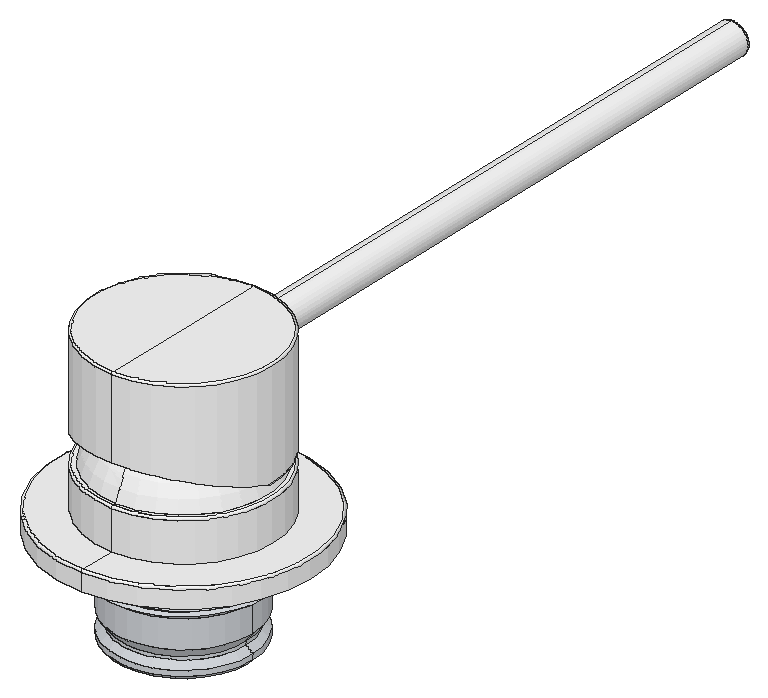
Revit family "Reece_Tap_Sussex_Scala_Wall Mixer Tap", category Plumbing Fixtures, host Face, Revit 2018
Family settings
  Host = Face
  Round Connector Dimension = Use Diameter
  Part Type = Normal
  Cut with Voids When Loaded = No
  Shared = Yes
  Room Calculation Point = Yes
Parameters (values of type "Chrome_150mm Extension Pin")
  WFU = 0  # constant formula
  URL = "https://www.reece.com.au/product/-2262114"
  Type Comments = "Tap"
  Reece_Tap_Projection = 45 mm  # constant formula
  Reece_Tap_Handle_Length = 195 mm
  Reece_Tap_Handle_Top_Height = 27 mm  # constant formula
  Reece_Tap_Inlet = 12.5 mm  # constant formula
  Reece_Tap_Handle_Bottom_Height = 15 mm  # constant formula
  Reece_Product_Web Page = "https://www.reece.com.au/product/-2262114"
  Reece_Product_Type = "Tap"  # constant formula
  Reece_Product_Sub Brand = "Scala"  # constant formula
  Reece_Product_Number = "2262114"
  Reece_Product_Mount = "Wall Mounted"
  Reece_Product_Description = "Sussex Scala Wall Mixer Tap with 150mm Extension Pin Chrome"
  Reece_Product_Brand = "Sussex"  # constant formula
  Reece_Overall_Height = 204.5 mm
  Reece_Overall_Diameter = 64 mm  # constant formula
  Reece_Material_Main = Reece_Brass_Chrome
  Reece_Detail_Installation = ""
  Reece_Detail_Disclaimer = "THIS FILE IS THE PROPERTY OF THE REECE GROUP. IT MAY NOT BE REPRODUCED, REVERSE-ENGINEERED OR MODIFIED. ANY REPUBLICATION, TRANSMISSION OR DISTRIBUTION FOR THE PURPOSE OF COMMERCIALLY EXPLOITING THE FILES IS PROHIBITED."  # constant formula
  Reece_Detail_Connector = ""
  Reece_Detail_Additional = "Wall Mixer Tap"  # constant formula
  Model = "Scala"
  Manufacturer = "Sussex"
  Keynote = "Product #2262114, Reece_Tap_Sussex_Scala_Wall Mixer Tap - Chrome_150mm Extension Pin"
  HWFU = 0  # constant formula
  Disclaimer = "THIS FILE IS THE PROPERTY OF THE REECE GROUP. IT MAY NOT BE REPRODUCED, REVERSE-ENGINEERED OR MODIFIED. ANY REPUBLICATION, TRANSMISSION OR DISTRIBUTION FOR THE PURPOSE OF COMMERCIALLY EXPLOITING THE FILES IS PROHIBITED."  # constant formula
  Description = "Scala Wall Mixer Tap with 150mm Extension Pin Chrome"
  Default Elevation = 1000 mm
  CWFU = 0  # constant formula
Types (4, lengths in mm): name | URL | Reece_Tap_Handle_Length | Reece_Product_Web Page | Reece_Product_Number | Reece_Product_Description | Reece_Overall_Height | Reece_Material_Main | Keynote | Description
  Chrome_100mm Extension Pin | "https://www.reece.com.au/product/-2262113" | 145 | "https://www.reece.com.au/product/-2262113" | "2262113" | "Sussex Scala Wall Mixer Tap with 100mm Extension Pin Chrome" | 154.5 | Reece_Brass_Chrome | "Product #2262113, Reece_Tap_Sussex_Scala_Wall Mixer Tap - Chrome_100mm Extension Pin" | "Scala Wall Mixer Tap with 100mm Extension Pin Chrome"
  PVD Brushed Platinum Gold_100mm Extension Pin | "https://www.reece.com.au/product/-2268202" | 145 | "https://www.reece.com.au/product/-2268202" | "2268202" | "Sussex Scala Wall Mixer Tap with 100mm Extension Pin LUX PVD Brushed Platinum Gold" | 153 | Reece_PVD_Brushed_Platinum Gold | "Product #2268202, Reece_Tap_Sussex_Scala_Wall Mixer Tap - PVD Brushed Platinum Gold_100mm Extension Pin" | "Scala Wall Mixer Tap with 100mm Extension Pin LUX PVD Brushed Platinum Gold"
  Chrome_150mm Extension Pin | "https://www.reece.com.au/product/-2262114" | 195 | "https://www.reece.com.au/product/-2262114" | "2262114" | "Sussex Scala Wall Mixer Tap with 150mm Extension Pin Chrome" | 204.5 | Reece_Brass_Chrome | "Product #2262114, Reece_Tap_Sussex_Scala_Wall Mixer Tap - Chrome_150mm Extension Pin" | "Scala Wall Mixer Tap with 150mm Extension Pin Chrome"
  PVD Brushed Platinum Gold_150mm Extension Pin | "https://www.reece.com.au/product/-2268203" | 195 | "https://www.reece.com.au/product/-2268203" | "2268203" | "Sussex Scala Wall Mixer Tap with 150mm Extension Pin LUX PVD Brushed Platinum Gold" | 203 | Reece_PVD_Brushed_Platinum Gold | "Product #2268203, Reece_Tap_Sussex_Scala_Wall Mixer Tap - PVD Brushed Platinum Gold_150mm Extension Pin" | "Scala Wall Mixer Tap with 150mm Extension Pin LUX PVD Brushed Platinum Gold"
Reference planes
  plane 1 "Center (Front/Back)": y = 0
  plane 2 "Bottom": z = 0
  plane 3 "Center (Left/Right)": x = 0
  plane 4: y = -22.5
  plane 5: y = 22.5
  plane 6: y = 172.5
  plane 7: z = 45
  plane 8: x = -32
  plane 9: x = 32
  plane 10: y = -32
Forms (mm)
  Revolve 1, void
    sketch origin (0, 0, 0) x (1, 0, 0) y (0, 0, 1)
      loop
        line (30.434, 0) -> (0, 0) -> (0, -30.612) -> (30.434, -30.612) -> (30.434, 0)
      axis (0, 0) -> (0, -30.612)
    angle from 0 to 360
  Revolve 2, solid
    sketch origin (-1.125, 0, -7.825) x (1, 0, 0) y (0, 0, 1)
      loop
        line (1.125, 7.825) -> (-19.571, 7.825) -> (-18.41, 7.013) -> (-19.348, 6.356) -> (-18.41, 5.699) -> (-19.348, 5.043) -> (-18.41, 4.386) -> (-19.348, 3.73) -> (-18.41, 3.073) -> (-19.284, 2.461) -> (-18.144, 1.663) -> (-19.348, 0.82) -> (-18.41, 0.163) -> (-19.284, -0.449) -> (-16.202, -2.607) -> (-16.202, -9.618) -> (-14.645, -11.842) -> (-14.645, -12.686) -> (-16.202, -14.243) -> (-16.202, -15.579) -> (-15.105, -16.676) -> (1.125, -16.676) -> (1.125, 7.825)
      axis (1.125, 7.825) -> (1.125, -16.676)
    angle from 0 to 360
Text (mm)
  text "Reece Copyright © 2018, Reece Ltd." at (-176.172, -191.16, 0), in view "Ref. Level"
  text "Reece ©" at (44.384, 258.95, 192.345), in view "Reece Preview"
Dimensions and locks
  "Reece_Tap_Projection": plane 7 to plane 2 "Bottom"
  "Reece_Overall_Diameter": plane 8 to plane 9
  "Reece_Overall_Height": plane 6 to plane 10
  "Reece_Tap_Handle_Length": plane 6 to plane 4
  aligned and locked: plane 2 "Bottom" to host face
  aligned and locked: level to host face
  aligned and locked: plane 3 "Center (Left/Right)" to nested 1
  aligned and locked: plane 5 to nested 1
  aligned and locked: plane 6 to nested 1
Automatic sketch dimensions
  host sketch curve to host sketch curve = 380.785 mm
  host sketch curve to host sketch curve = 357.421 mm
  Revolve 1 sketch curve to level = 0 mm  (x2)
  Revolve 1 sketch curve to plane 3 "Center (Left/Right)" = 0 mm  (x2)
  plane 3 "Center (Left/Right)" to Revolve 1 sketch curve = 30.434 mm
  Revolve 1 sketch curve to level = 30.612 mm
  Revolve 1 sketch curve to Revolve 1 sketch curve = 5.612 mm
  Revolve 2 sketch curve to level = 0 mm
  Revolve 2 sketch curve to plane 3 "Center (Left/Right)" = 0 mm  (x2)
  Revolve 2 sketch curve to plane 3 "Center (Left/Right)" = 15.77 mm
  Revolve 2 sketch curve to Revolve 2 sketch curve = 0.46 mm
  Revolve 2 sketch curve to Revolve 2 sketch curve = 1.557 mm  (x3)
  Revolve 2 sketch curve to level = 6.162 mm
  Revolve 2 sketch curve to Revolve 2 sketch curve = 1.942 mm
  Revolve 2 sketch curve to level = 2.126 mm
  Revolve 2 sketch curve to Revolve 2 sketch curve = 0.267 mm  (x2)
  Revolve 2 sketch curve to level = 7.662 mm
  Revolve 2 sketch curve to level = 3.439 mm
  Revolve 2 sketch curve to Revolve 2 sketch curve = 0 mm  (x3)
  Revolve 2 sketch curve to level = 0.813 mm
  Revolve 2 sketch curve to level = 4.752 mm
  Revolve 2 sketch curve to level = 8.274 mm
  Revolve 2 sketch curve to Revolve 2 sketch curve = 0.874 mm  (x2)
  Revolve 2 sketch curve to level = 5.364 mm
  Revolve 2 sketch curve to level = 2.783 mm
  Revolve 2 sketch curve to Revolve 2 sketch curve = 0.938 mm  (x4)
  Revolve 2 sketch curve to level = 1.469 mm
  Revolve 2 sketch curve to level = 4.096 mm
  Revolve 2 sketch curve to level = 7.006 mm
  Revolve 2 sketch curve to Revolve 2 sketch curve = 1.161 mm
  Revolve 2 sketch curve to Revolve 2 sketch curve = 2.77 mm
  Revolve 2 sketch curve to Revolve 2 sketch curve = 7.012 mm
  Revolve 2 sketch curve to Revolve 2 sketch curve = 2.224 mm
  Revolve 2 sketch curve to Revolve 2 sketch curve = 0.844 mm
  Revolve 2 sketch curve to Revolve 2 sketch curve = 1.336 mm
  Revolve 2 sketch curve to Revolve 2 sketch curve = 1.097 mm
  Revolve 2 sketch curve to Revolve 2 sketch curve = 7.443 mm
  Revolve 2 sketch curve to level = 2.001 mm
Nested families
  nested 1: "Reece_Tap_Sussex_Scala_Mixer_Nested" at (0, 0, 0), Reece_Overall_Diameter <- "Reece_Overall_Diameter", Reece_Tap_Handle_Bottom_Height <- "Reece_Tap_Handle_Bottom_Height", Reece_Tap_Handle_Height <- "Reece_Tap_Projection", Reece_Tap_Handle_Top_Height <- "Reece_Tap_Handle_Top_Height", Reece_Material_Main <- "Reece_Material_Main", Reece_Tap_Projection <- "Reece_Tap_Handle_Length", type "Reece_Tap_Sussex_Scala_Mixer_Nested"
    with Reece_Tap_Projection 195 mm, Reece_Tap_Handle_Top_Height 27 mm, Reece_Tap_Handle_Height 45 mm, Reece_Tap_Handle_Bottom_Height 15 mm, Reece_Overall_Diameter 64 mm, Reece_Material_Main Reece_Brass_Chrome
Connectors
  piping at (0, 0, -24.501), diameter 12.5, driven by "Reece_Tap_Inlet"
    settings: on Revolve 2, index 1, connector inside diameter 609.6 mm, connector length 0 mm, flow factor 0, pipe flow 0.0 L/s, pressure drop 0.0 Pa, fitting loss kfactor 0, connector angle 0.00°, fixture units 0, engagement length 0 mm, angle of deflection 0.00°, flow configuration 0, flow direction 1, fitting loss method 0, system type 29, joint type 0, gender type 0, connector reference index -1, connector utility 0, adjustable connector no, is connector primary yes, connector description ""
Definition of nested family "Reece_Tap_Sussex_Scala_Mixer_Nested"
  Parameters (values of type "Reece_Tap_Sussex_Scala_Mixer_Nested")
    Waste Connection = no
    WFU = 0
    Vent Connection = no
    URL = ""
    Type Comments = ""
    Reece_Tap_Projection [instance] = 85 mm
    Reece_Tap_Handle_Top_Height [instance] = 30 mm
    Reece_Tap_Handle_Height [instance] = 46.4 mm
    Reece_Tap_Handle_Bottom_Height [instance] = 15 mm
    Reece_Overall_Diameter [instance] = 55 mm
    Reece_Material_Main [instance] = none
    Model = ""
    Manufacturer = ""
    Keynote = ""
    HWFU = 0
    HW Connection = no
    Description = ""
    Default Elevation = 0 mm
    Cost = 0
    CWFU = 0
    CW Connection = no
    Assembly Code = ""
  Reference planes
    plane 1 "Center (Front/Back)": y = 0
    plane 2 "Bottom": z = 0
    plane 3 "Center (Left/Right)": x = 0
    plane 4: y = -27.5
    plane 5: y = 27.5
    plane 6: z = 36
    plane 7: x = -27
    plane 8: x = 27
    plane 9: z = 46.4
    plane 10: z = 16.4
    plane 11: z = 15
    plane 12: z = 4.8
    plane 13: x = -22.5
    plane 14: x = 22.5
    plane 15: y = 22.5
    plane 16: y = -22.5
    plane 17: y = 62.5
  Forms (mm)
    Extrusion 1, solid
      sketch origin (619.2, -619.2, 0) x (1, 0, 0) y (0, 1, 0)
        loop
          line (-809.2, 779.2) -> (-809.2, 461.779) -> (-428.415, 461.779) -> (-428.415, 779.2) -> (-809.2, 779.2)
      from 0 to -9.564
    Revolve 2, solid, material <- "Reece_Material_Main"
      sketch origin (0, 0, 0) x (0, 1, 0) y (0, 0, 1)
        loop
          line (0, 0) -> (0, 15) -> (-22, 15)
          arc (-22, 15) -> (-22.354, 14.854) -> (-22.5, 14.5) r 0.5
          line (-22.5, 14.5) -> (-22.5, 4.8) -> (-27, 4.8)
          arc (-27, 4.8) -> (-27.354, 4.654) -> (-27.5, 4.3) r 0.5
          line (-27.5, 4.3) -> (-27.5, 0) -> (0, 0)
        axis (0, 15) -> (0, 0)
      angle from 0 to 360
    Revolve 3, solid, material <- "Reece_Material_Main"
      sketch origin (0, 0, 0) x (0, 1, 0) y (0, 0, 1)
        loop
          line (0, 15) -> (0, 31.322)
          arc (0, 31.322) -> (-13.307, 26.749) -> (-21.048, 15) r 21.8
          line (-21.048, 15) -> (0, 15)
        axis (0, 31.322) -> (0, 15)
      angle from 0 to 360
    Revolve 4, solid, material <- "Reece_Material_Main"
      sketch origin (0, 0, 0) x (0, 1, 0) y (0, 0, 1)
        loop
          line (0, 46.4) -> (-22, 46.4)
          arc (-22, 46.4) -> (-22.354, 46.254) -> (-22.5, 45.9) r 0.5
          line (-22.5, 45.9) -> (-22.5, 16.9)
          arc (-22.5, 16.9) -> (-22.354, 16.546) -> (-22, 16.4) r 0.5
          line (-22, 16.4) -> (0, 16.4) -> (0, 46.4)
        axis (0, 46.4) -> (0, 16.4)
      angle from 0 to 360
    Extrusion 5, void
      sketch origin (0, 0, 0) x (0, 1, 0) y (0, 0, 1)
        loop
          line (0, 16.4) -> (-25.877, 28.551) -> (-25.877, 16.4) -> (0, 16.4)
      from -27 to 27
    Revolve 6, solid, material <- "Reece_Material_Main"
      sketch origin (0, 0, 30.1) x (0, -1, 0) y (0, 0, -1)
        loop
          line (0, -5.9) -> (-62.5, -5.9) -> (-62.5, -9.4)
          arc (-62.5, -9.4) -> (-62.354, -9.754) -> (-62, -9.9) r 0.5
          line (-62, -9.9) -> (0, -9.9) -> (0, -5.9)
        axis (0, -5.9) -> (-62.5, -5.9)
      angle from 0 to 360
  Cuts and joins
    Extrusion 5 cuts Revolve 4
    joined: Revolve 2, Revolve 3, Revolve 4, Revolve 6
  Text (mm)
    text "Reece Copyright © 2018, Reece Ltd." at (-535.299, -238.73, 0), in view "Ref. Level"
    text "Reece ©" at (44.384, 258.95, 192.345), in view "Reece Preview"
  Dimensions and locks
    "Reece_Overall_Diameter": plane 4 to plane 5
    equal spacing: plane 4, plane 1 "Center (Front/Back)", plane 5
    "Reece_Tap_Handle_Top_Height": plane 9 to plane 10
    "Reece_Tap_Handle_Height": plane 9 to plane 2 "Bottom"
    locked: plane 9 to plane 6 at 10.4
    "Reece_Tap_Handle_Bottom_Height": plane 11 to plane 2 "Bottom"
    plane 12 to Extrusion 1 = 4.8 mm
    plane 13 to plane 14 = 45 mm
    locked: Revolve 2 sketch curve to Revolve 2 sketch curve at 22.5
    locked: cut or joined group of Revolve 2, Revolve 3, Revolve 4, Extrusion 5, Revolve 6 to Revolve 3 sketch curve at 16.322
    locked: Revolve 3 sketch curve to Revolve 3 sketch curve at 21.048
    locked: plane 16 to plane 15 at 45
    "Reece_Tap_Projection": plane 16 to plane 17
    aligned and locked: plane 2 "Bottom" to Extrusion 1
    aligned and locked: level to Extrusion 1
    aligned and locked: cut or joined group of Revolve 2, Revolve 3, Revolve 4, Extrusion 5, Revolve 6 to plane 11
    aligned and locked: Revolve 3 to plane 11  (x2)
    aligned and locked: plane 10 to Revolve 4 sketch curve
    aligned and locked: plane 9 to Revolve 4 sketch curve
    aligned and locked: plane 10 to Extrusion 5 sketch curve
    aligned and locked: Revolve 2 sketch curve to plane 4
    aligned and locked: cut or joined group of Revolve 2, Revolve 3, Revolve 4, Extrusion 5, Revolve 6 to Revolve 4 sketch curve
    aligned and locked: Extrusion 5 to plane 10
    aligned and locked: plane 1 "Center (Front/Back)" to Revolve 4 sketch curve
    aligned and locked: plane 1 "Center (Front/Back)" to Revolve 6 sketch curve
    aligned and locked: Revolve 6 sketch curve to plane 17
  Automatic sketch dimensions
    Extrusion 1 sketch curve to Extrusion 1 sketch curve = 380.785 mm
    Extrusion 1 sketch curve to Extrusion 1 sketch curve = 317.421 mm
    plane 4 to Extrusion 5 sketch curve = 1.623 mm
    Extrusion 5 sketch curve to plane 1 "Center (Front/Back)" = 0 mm
    Extrusion 5 sketch curve to plane 6 = 7.449 mm
    Revolve 4 sketch curve to plane 11 = 0 mm
    Revolve 4 sketch curve to plane 9 = 0.5 mm
    Revolve 4 sketch curve to Revolve 4 sketch curve = 0.5 mm
    Revolve 4 sketch curve to level = 20 mm
    Revolve 3 sketch curve to plane 11 = 0 mm
    Revolve 3 sketch curve to plane 1 "Center (Front/Back)" = 0 mm  (x2)
    Revolve 3 sketch curve to plane 10 = 0 mm
    Revolve 3 sketch curve to plane 1 "Center (Front/Back)" = 0.053 mm
    Revolve 3 sketch curve to Revolve 3 sketch curve = 2.019 mm
    level to Revolve 2 sketch curve = 0 mm
    Revolve 2 sketch curve to plane 12 = 0 mm
    Revolve 2 sketch curve to plane 11 = 0 mm  (x2)
    Revolve 2 sketch curve to plane 1 "Center (Front/Back)" = 0 mm  (x2)
    plane 4 to Revolve 2 sketch curve = 0.5 mm
    Revolve 2 sketch curve to Revolve 2 sketch curve = 0.5 mm
    Revolve 2 sketch curve to level = 20 mm
    Revolve 4 sketch curve to plane 1 "Center (Front/Back)" = 0 mm
    plane 6 to Revolve 6 sketch curve = 0 mm
    Revolve 6 sketch curve to plane 6 = 0 mm
    plane 17 to Revolve 6 sketch curve = 0.5 mm
    plane 6 to Revolve 6 sketch curve = 3.5 mm
    Revolve 6 sketch curve to Revolve 6 sketch curve = 5 mm
    plane 1 "Center (Front/Back)" to Revolve 6 sketch curve = 5 mm
